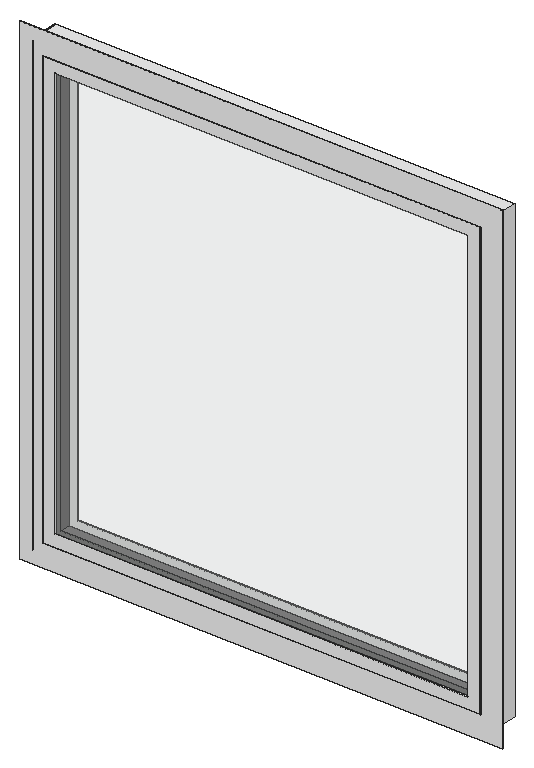
Revit family "Casement_34_B_Side_Hung_Custom", category Windows, host Wall, Revit 2014
Parameters (values of type "Casement_Sash_DG")
  Width Sash [instance] = 30 mm
  Width Sash Inner = 15 mm
  Width Bead = 15 mm
  Top Hung [instance] = yes
  Side Hung Right [instance] = yes
  Side Hung Left [instance] = yes
  Sash Opening Width [instance] = 600 mm
  Sash Opening Height [instance] = 600.312 mm
  Sash Lip = 15 mm
  Glazing Material [instance] = Glass
  DG Start Piece 2 [instance] = DG End Piece 1 + DG Gasket Thickness  # 25 mm
  DG Start Peice 1 [instance] = (Depth Sash - (2 * DG Glazing Thickness) - DG Gasket Thickness) / 2  # 6.6 mm
  Glazing Offset = 5 mm
  DG Glazing Thickness [instance] = 6.4 mm
  DG Gasket Thickness = 12 mm  # constant formula
  DG Gasket Material [instance] = Double Glazing Gasket Material
  DG End Piece 2 [instance] = DG Start Piece 2 + DG Glazing Thickness  # 31.4 mm
  DG End Piece 1 [instance] = DG Start Peice 1 + DG Glazing Thickness  # 13 mm
  Depth Sash [instance] = 38 mm
  Center Vertical Sash [instance] = Sash Opening Height / 2  # 300.156 mm
  Center Horizontal Sash [instance] = Sash Opening Width / 2  # 300 mm
  Bottom Hung [instance] = yes
  Bead Offset = 15 mm
  Aluminium Thickness = 1 mm
  Aluminium Material [instance] = White Powder Coated Aluminium
Reference planes
  plane 1 "Center (Front/Back)": y = 0
  plane 2: z = 0
  plane 3 "Center (Left/Right)": x = 0
Forms (mm)
  Sweep 1, solid, material "White Powder Coated Aluminium" <- "Aluminium Material"
    path origin (16.177, 0, 121.331) x (1, 0, 0) y (0, 0, 1)
      loop
        line (0, 0) -> (600, 0) -> (600, 600.312) -> (0, 600.312) -> (0, 0)
    profile origin (316.177, 0, 121.331) x (0, 0, 1) y (0, -1, 0)
      loop
        line (0, 0) -> (30, 0) -> (30, 1) -> (15, 1) -> (15, 38) -> (-15, 38) -> (-15, 37) -> (0, 37) -> (0, 0)
      loop
        line (14, 1) -> (14, 37) -> (1, 37) -> (1, 1) -> (14, 1)
  Sweep 2, solid, material "White Powder Coated Aluminium" <- "Aluminium Material"
    path origin (0, 0, 0) x (1, 0, 0) y (0, 0, 1)
      loop
        line (31.177, 706.643) -> (31.177, 136.331) -> (601.177, 136.331) -> (601.177, 706.643) -> (31.177, 706.643)
    profile origin (316.177, 0, 706.643) x (0, 0, 1) y (0, -1, 0)
      loop
        line (0, 37) -> (0, 38) -> (-15, 38) -> (-15, 37) -> (0, 37)
  Extrusion 3, solid, material "Glass" <- "Glazing Material"
    sketch origin (0, 0, 0) x (1, 0, 0) y (0, 0, 1)
      loop
        line (36.177, 701.643) -> (36.177, 141.331) -> (596.177, 141.331) -> (596.177, 701.643) -> (36.177, 701.643)
    from 6.6 <- "DG Start Peice 1" to 13 <- "DG End Piece 1"
  Extrusion 4, solid, material "Glass" <- "Glazing Material"
    sketch origin (0, 0, 0) x (1, 0, 0) y (0, 0, 1)
      loop
        line (36.177, 701.643) -> (36.177, 141.331) -> (596.177, 141.331) -> (596.177, 701.643) -> (36.177, 701.643)
    from 31.4 <- "DG End Piece 2" to 25 <- "DG Start Piece 2"
  Sweep 5, solid, material "Double Glazing Gasket Material" <- "DG Gasket Material"
    path origin (0, -13, 0) x (1, 0, 0) y (0, 0, 1)
      loop
        line (36.177, 701.643) -> (36.177, 141.331) -> (596.177, 141.331) -> (596.177, 701.643) -> (36.177, 701.643)
    profile origin (316.177, -13, 701.643) x (0, 0, 1) y (0, -1, 0)
      loop
        line (0, 0) -> (0, 12) -> (-7.96, 12) -> (-7.96, 0) -> (0, 0)
Lines and regions (mm)
  model lines
    curve 1: line (1.177, -38, 736.643) -> (31.177, -38, 706.643)
    curve 2: line (601.177, -38, 706.643) -> (631.177, -38, 736.643)
    curve 3: line (601.177, -38, 136.331) -> (631.177, -38, 106.331)
    curve 4: line (1.177, -38, 106.331) -> (31.177, -38, 136.331)
    curve 5: line (631.177, -37, 736.643) -> (616.177, -37, 721.643)
    curve 6: line (1.177, -37, 736.643) -> (16.177, -37, 721.643)
    curve 7: line (1.177, -37, 106.331) -> (16.177, -37, 121.331)
    curve 8: line (631.177, -37, 106.331) -> (616.177, -37, 121.331)
    curve 9: line (616.177, 0, 121.331) -> (586.177, 0, 151.331)
    curve 10: line (46.177, 0, 151.331) -> (16.177, 0, 121.331)
    curve 11: line (616.177, 0, 721.643) -> (586.177, 0, 691.643)
    curve 12: line (46.177, 0, 691.643) -> (16.177, 0, 721.643)
    curve 13: line (31.177, -38, 691.643) -> (46.177, -38, 691.643)
    curve 14: line (586.177, -38, 691.643) -> (601.177, -38, 691.643)
    curve 15: line (586.177, -38, 151.331) -> (601.177, -38, 151.331)
    curve 16: line (31.177, -38, 151.331) -> (46.177, -38, 151.331)
  model lines, style "GenericModelHiddenLines", visible <- "Top Hung"
    curve 17: line (46.386, -31.4, 690.914) -> (316.177, -31.4, 151.331)
    curve 18: line (316.177, -31.4, 151.331) -> (586.177, -31.4, 691.331)
  model lines, style "GenericModelHiddenLines", visible <- "Bottom Hung"
    curve 19: line (46.177, -31.4, 151.331) -> (316.177, -31.4, 691.331)
    curve 20: line (316.177, -31.4, 691.331) -> (586.177, -31.4, 151.331)
  model lines, style "GenericModelHiddenLines", visible <- "Side Hung Left"
    curve 21: line (46.386, -31.4, 690.914) -> (585.24, -31.4, 421.487)
    curve 22: line (585.24, -31.4, 421.487) -> (46.177, -31.4, 151.331)
  model lines, style "GenericModelHiddenLines", visible <- "Side Hung Right"
    curve 23: line (586.177, -31.4, 691.331) -> (46.177, -31.4, 421.487)
    curve 24: line (46.177, -31.4, 421.487) -> (586.177, -31.4, 151.331)
Dimensions and locks
  "Aluminium Thickness": Sweep 1 sketch curve to Sweep 1 sketch curve  (x4)
  "Depth Sash": Sweep 1 sketch curve to Sweep 1 sketch curve
  "Sash Opening Width": Sweep 1 to Sweep 1
  "Sash Opening Height": Sweep 1 to Sweep 1
  "Width Sash": Sweep 1 sketch curve to Sweep 1 sketch curve  (x2)
  "Width Sash Inner": Sweep 1 sketch curve to Sweep 1 sketch curve
  "Sash Lip": Sweep 1 sketch curve to Sweep 1 sketch curve
  "Aluminium Thickness": Sweep 1 to Sweep 2 sketch curve
  "Glazing Offset": Sweep 2 to Extrusion 3 sketch curve  (x3)
  "Glazing Offset": Extrusion 3 sketch curve to Sweep 2
  Sweep 1 to Sweep 1 = 1 mm
  "Aluminium Thickness": Sweep 2 sketch curve to Sweep 2 sketch curve
  "Width Bead": Sweep 2 sketch curve to Sweep 2 sketch curve
  locked: Sweep 5 sketch curve to Sweep 5 sketch curve at 7.96
  "Center Horizontal Sash": Sweep 1 to curve 18
  "Center Horizontal Sash": Sweep 1 to curve 20
  "Center Vertical Sash": Sweep 1 to curve 22
  "Center Vertical Sash": Sweep 1 to curve 24
  aligned and locked: level to plane 2
  aligned and locked: Sweep 1 sketch curve to Sweep 1 sketch curve  (x2)
  aligned and locked: Sweep 2 sketch curve to Sweep 1  (x5)
  aligned and locked: Extrusion 4 sketch curve to Extrusion 3  (x4)
  aligned and locked: Sweep 5 sketch curve to Extrusion 3  (x5)
  aligned and locked: Extrusion 3 to Sweep 5 sketch curve
Automatic sketch dimensions
  plane 3 "Center (Left/Right)" to Sweep 1 sketch curve = 16.177 mm
  level to Sweep 1 sketch curve = 121.331 mm
  plane 3 "Center (Left/Right)" to Sweep 1 sketch curve = 616.177 mm
  level to Sweep 1 sketch curve = 721.643 mm
  profile plane to Sweep 5 sketch curve = 12 mm
  curve 7 to Sweep 1 = 0 mm  (x4)
  curve 6 to Sweep 1 = 0 mm  (x3)
  Sweep 1 to curve 6 = 0 mm
  curve 5 to Sweep 1 = 0 mm  (x3)
  curve 8 to Sweep 1 = 0 mm  (x4)
  Sweep 1 to curve 5 = 0 mm
  curve 16 to Sweep 2 = 0 mm  (x3)
  curve 13 to Sweep 2 = 0 mm  (x3)
  curve 15 to Sweep 2 = 0 mm
  Sweep 2 to curve 15 = 0 mm  (x2)
  curve 14 to Sweep 2 = 0 mm  (x2)
  Sweep 2 to curve 14 = 0 mm
  curve 1 to Sweep 1 = 0 mm  (x4)
  curve 4 to Sweep 1 = 0 mm  (x3)
  Sweep 1 to curve 4 = 0 mm
  curve 3 to Sweep 1 = 0 mm  (x3)
  curve 2 to Sweep 1 = 0 mm  (x4)
  Sweep 1 to curve 3 = 0 mm
  curve 10 to Sweep 1 = 0 mm  (x4)
  curve 12 to Sweep 1 = 0 mm  (x3)
  Sweep 1 to curve 12 = 0 mm
  curve 9 to Sweep 1 = 0 mm  (x4)
  curve 11 to Sweep 1 = 0 mm  (x3)
  Sweep 1 to curve 11 = 0 mm
  Sweep 1 sketch curve to plane 1 "Center (Front/Back)" = 0 mm
  profile plane to Sweep 1 sketch curve = 0 mm
  curve 21 to Extrusion 4 = 10.208 mm
  curve 19 to Extrusion 4 = 10 mm
  curve 23 to Extrusion 4 = 10 mm  (x2)
  curve 22 to Extrusion 4 = 10.937 mm
  curve 20 to Extrusion 4 = 10 mm
  curve 24 to Extrusion 4 = 10 mm
  curve 22 to Extrusion 4 = 10 mm
  curve 18 to Extrusion 4 = 10 mm
  curve 21 to Extrusion 4 = 10.729 mm
  curve 19 to Extrusion 4 = 10.312 mm
  curve 18 to Extrusion 4 = 10.312 mm
